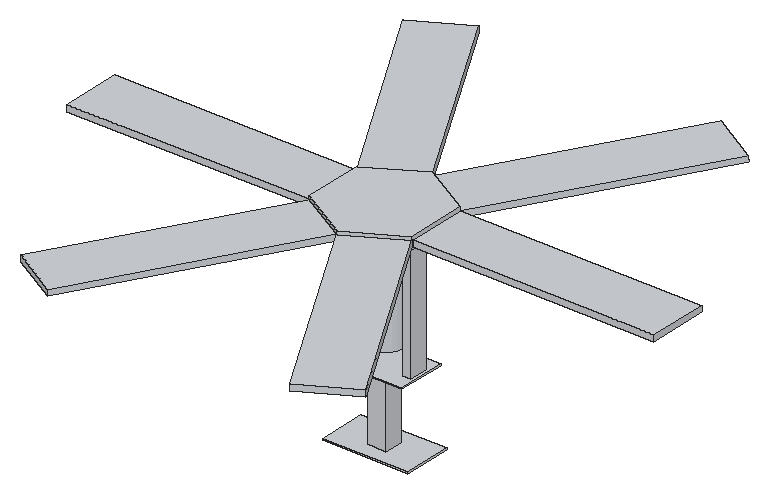
Revit family "hvls_revit", category Mechanical Equipment, host Face, Revit 2016
Family settings
  Host = Face
  Part Type = Normal
  Round Connector Dimension = Use Diameter
  Cut with Voids When Loaded = No
  Shared = No
  Room Calculation Point = No
Parameters (values of type "HVLS-08")
  calcExtensionHeight [instance] = if(Extension, ExtensionHeight, 0")  # 0"
  Weight [instance] = 327 lbf
  Voltage [instance] = 230 V
  URL = ""
  StemLengthWidth = 3"
  PlateThk = 1/4"
  Phase [instance] = 3
  MountPlateWidth = 7 7/8"
  MountPlateLength = 13 7/8"
  MountHeight = 12"
  Model = "HVLS-24"
  Min Circuit Ampacity [instance] = 0 A
  Max Overload Protection [instance] = 0 A
  Manufacturer = ""
  HubRadius = 7"
  HubPlateWidth = 7 7/8"
  HubPlateLength = 12"
  HubHeight = 21 1/2"
  Full Load Current [instance] = 2.9 A
  Frequency [instance] = 60 Hz
  ExtensionHeight = 24"
  Extension [instance] = no
  ExtPlateWidth = 7 7/8"
  ExtPlateLength = 7 7/8"
  Exhaust Fan HP [instance] = 1 VA
  Default Elevation = 48"
  BladeRadius = BladeDiameter / 2  # 48"
  BladeDiameter = 96"
  Apparent Load [instance] = Voltage * Full Load Current  # 667 VA
Types (10): name | Weight | Full Load Current | Exhaust Fan HP | BladeRadius | BladeDiameter | Apparent Load
  (no name) | 327 lbf | 2.9 A | 1 VA | 48" | 96" | 667 VA
  HVLS-24 | 525 lbf | 5.6 A | 2 VA | 144" | 288" | 1288 VA
  HVLS-22 | 525 lbf | 5.6 A | 2 VA | 132" | 264" | 1288 VA
  HVLS-20 | 485 lbf | 5.6 A | 2 VA | 120" | 240" | 1288 VA
  HVLS-18 | 485 lbf | 5.6 A | 2 VA | 108" | 216" | 1288 VA
  HVLS-16 | 430 lbf | 4.1 A | 1.5 VA | 96" | 192" | 943 VA
  HVLS-14 | 430 lbf | 4.1 A | 1.5 VA | 84" | 168" | 943 VA
  HVLS-12 | 367 lbf | 2.9 A | 1 VA | 72" | 144" | 667 VA
  HVLS-10 | 367 lbf | 2.9 A | 1 VA | 60" | 120" | 667 VA
  HVLS-08 | 327 lbf | 2.9 A | 1 VA | 48" | 96" | 667 VA
Reference planes (in)
  plane 1 "Center (Front/Back)": y = 0
  plane 2: z = 0
  plane 3 "Center (Left/Right)": x = 0
  plane 4: z = 12
  plane 5: z = 12
  plane 6: z = 33.5
  plane 7: through (0, 0, 90) normal (-0.866, 0.5, 0)
  plane 8: through (0, 0, 90) normal (0.866, 0.5, 0)
  plane 9: through (-19.22187, -33.29326, 90) normal (-0.866, 0.5, 0)
  plane 10: through (-21.72187, 37.62339, 90) normal (0.866, 0.5, 0)
  plane 11: through (0, 0, 90) normal (0.5, 0.866, 0)
Forms (in)
  Extrusion 1, solid
    sketch origin (0, 0, 0) x (1, 0, 0) y (0, 1, 0)
      loop
        line (-6.9375, 3.9375) -> (-6.9375, -3.9375) -> (6.9375, -3.9375) -> (6.9375, 3.9375) -> (-6.9375, 3.9375)
    from 0 to 0.25 <- "PlateThk"
  Extrusion 2, solid, visible <- "Extension"
    sketch origin (-60, -180, 12) x (-1, 0, 0) y (0, -1, 0)
      loop
        line (-56.0625, -183.9375) -> (-56.0625, -176.0625) -> (-63.9375, -176.0625) -> (-63.9375, -183.9375) -> (-56.0625, -183.9375)
    from 0 to 0.25 <- "PlateThk"
  Extrusion 3, solid
    sketch origin (-60, -180, 12) x (-1, 0, 0) y (0, -1, 0)
      loop
        line (-54, -183.9375) -> (-54, -176.0625) -> (-66, -176.0625) -> (-66, -183.9375) -> (-54, -183.9375)
    from 0 to 0.25 <- "PlateThk"
  Extrusion 4, solid
    sketch origin (0, 0, 0) x (1, 0, 0) y (0, 1, 0)
      loop
        line (-1.5, 1.5) -> (-1.5, -1.5) -> (1.5, -1.5) -> (1.5, 1.5) -> (-1.5, 1.5)
    from 0.25 <- "PlateThk" to 12
  Extrusion 5, solid, visible <- "Extension"
    sketch origin (-60, -180, 12) x (-1, 0, 0) y (0, -1, 0)
      loop
        line (-58.5, -181.5) -> (-58.5, -178.5) -> (-61.5, -178.5) -> (-61.5, -181.5) -> (-58.5, -181.5)
    from 0.25 <- "PlateThk" to 0
  Extrusion 6, solid
    sketch origin (-60, -180, 33.5) x (-1, 0, 0) y (0, -1, 0)
      loop
        circle (-60, -180) r 7
    from 0 to -0.25
  Extrusion 7, solid
    sketch origin (-60, -180, 12) x (-1, 0, 0) y (0, -1, 0)
      loop
        line (-54.5, -181.5) -> (-54.5, -178.5) -> (-55.75, -178.5) -> (-55.75, -181.5) -> (-54.5, -181.5)
      loop
        line (-64.25, -181.5) -> (-64.25, -178.5) -> (-65.5, -178.5) -> (-65.5, -181.5) -> (-64.25, -181.5)
    from 0 to 21.5
  Extrusion 8, solid
    sketch origin (-60, -180, 33.5) x (-1, 0, 0) y (0, -1, 0)
      loop
        line (-60, -189.75) -> (-51.55625, -184.875) -> (-51.55625, -175.125) -> (-60, -170.25) -> (-68.44375, -175.125) -> (-68.44375, -184.875) -> (-60, -189.75)
    from 0 to 2
  Extrusion 9, solid
    sketch origin (-60, -180, 33.5) x (-1, 0, 0) y (0, -1, 0)
      loop
        circle (-60, -180) r 3.5
    from -0.25 to -18
  Extrusion 10, solid
    sketch origin (-60, -180, 33.5) x (-1, 0, 0) y (0, -1, 0)
      loop
        line (-60.01395, -189.74195) -> (-68.42712, -184.8846) -> (-88.08212, -218.92807)
        arc (-88.08212, -218.92807) -> (-83.99865, -221.57) -> (-79.66879, -223.78514) r 48
        line (-79.66879, -223.78514) -> (-60.01395, -189.74195)
      loop
        line (-60.01395, -170.25805) -> (-79.66879, -136.21486)
        arc (-79.66879, -136.21486) -> (-83.99865, -138.43) -> (-88.08212, -141.07193) r 48
        line (-88.08212, -141.07193) -> (-68.42712, -175.1154) -> (-60.01395, -170.25805)
      loop
        line (-51.5702, -175.11695) -> (-31.91535, -141.07376)
        arc (-31.91535, -141.07376) -> (-35.99865, -138.43156) -> (-40.32836, -136.21614) r 48
        line (-40.32836, -136.21614) -> (-59.98337, -170.2596) -> (-51.5702, -175.11695)
      loop
        line (-68.44375, -184.8589) -> (-68.44375, -175.1442) -> (-107.75376, -175.1442)
        arc (-107.75376, -175.1442) -> (-108, -180.00156) -> (-107.75344, -184.8589) r 48
        line (-107.75344, -184.8589) -> (-68.44375, -184.8589)
      loop
        line (-51.55625, -175.1411) -> (-51.55625, -184.8558) -> (-12.24624, -184.8558)
        arc (-12.24624, -184.8558) -> (-12, -179.99844) -> (-12.24656, -175.1411) r 48
        line (-12.24656, -175.1411) -> (-51.55625, -175.1411)
      loop
        line (-51.5702, -184.88305) -> (-59.98337, -189.7404) -> (-40.32836, -223.78386)
        arc (-40.32836, -223.78386) -> (-35.99865, -221.56844) -> (-31.91535, -218.92624) r 48
        line (-31.91535, -218.92624) -> (-51.5702, -184.88305)
    from 0.5 to 1.5
Cuts and joins
  joined: Extrusion 1, Extrusion 4
  joined: Extrusion 3, Extrusion 6, Extrusion 7
Lines and regions (in)
  reference lines
    curve 1: circle (0, 0, 33.5) r 48 normal (0, 0, 1)
Dimensions and locks (in)
  "MountHeight": plane 4 to plane 2
  equal spacing: Extrusion 1 sketch curve, plane 3 "Center (Left/Right)", Extrusion 1 sketch curve
  equal spacing: Extrusion 1 sketch curve, plane 1 "Center (Front/Back)", Extrusion 1 sketch curve
  "MountPlateLength": Extrusion 1 sketch curve to Extrusion 1 sketch curve
  "MountPlateWidth": Extrusion 1 sketch curve to Extrusion 1 sketch curve
  "calcExtensionHeight": plane 5 to plane 4
  "HubHeight": plane 6 to plane 5
  equal spacing: Extrusion 2 sketch curve, plane 3 "Center (Left/Right)", Extrusion 2 sketch curve
  equal spacing: Extrusion 2 sketch curve, plane 1 "Center (Front/Back)", Extrusion 2 sketch curve
  "ExtPlateLength": Extrusion 2 sketch curve to Extrusion 2 sketch curve
  "ExtPlateWidth": Extrusion 2 sketch curve to Extrusion 2 sketch curve
  equal spacing: Extrusion 3 sketch curve, plane 3 "Center (Left/Right)", Extrusion 3 sketch curve
  equal spacing: Extrusion 3 sketch curve, plane 1 "Center (Front/Back)", Extrusion 3 sketch curve
  "HubPlateLength": Extrusion 3 sketch curve to Extrusion 3 sketch curve
  "HubPlateWidth": Extrusion 3 sketch curve to Extrusion 3 sketch curve
  equal spacing: Extrusion 4 sketch curve, plane 3 "Center (Left/Right)", Extrusion 4 sketch curve
  equal spacing: Extrusion 4 sketch curve, plane 1 "Center (Front/Back)", Extrusion 4 sketch curve
  "StemLengthWidth": Extrusion 4 sketch curve to Extrusion 4 sketch curve  (x2)
  equal spacing: Extrusion 5 sketch curve, plane 3 "Center (Left/Right)", Extrusion 5 sketch curve
  equal spacing: Extrusion 5 sketch curve, plane 1 "Center (Front/Back)", Extrusion 5 sketch curve
  "StemLengthWidth": Extrusion 5 sketch curve to Extrusion 5 sketch curve  (x2)
  equal spacing: Extrusion 7 sketch curve, plane 3 "Center (Left/Right)", Extrusion 7 sketch curve
  locked: Extrusion 7 sketch curve to Extrusion 7 sketch curve at 11
  equal spacing: Extrusion 7 sketch curve, plane 1 "Center (Front/Back)", Extrusion 7 sketch curve  (x2)
  locked: Extrusion 7 sketch curve to Extrusion 7 sketch curve at 3  (x2)
  locked: Extrusion 7 sketch curve to Extrusion 7 sketch curve at 1.25  (x2)
  Extrusion 8 to host face = 35 1/2"
  Extrusion 10 sketch curve to Extrusion 10 sketch curve = 9.71469"
  "HubRadius": radius of Extrusion 6 sketch curve
  "BladeRadius": radius of curve 1
  aligned and locked: plane 2 to host face
  aligned and locked: level to host face
  aligned and locked: plane 4 to Extrusion 4
  aligned and locked: plane 5 to Extrusion 5
  aligned and locked: plane 6 to Extrusion 7
  aligned and locked: Extrusion 10 sketch curve to curve 1  (x6)
  aligned and locked: Extrusion 8 to Extrusion 10 sketch curve  (x4)
  aligned and locked: Extrusion 10 sketch curve to Extrusion 8  (x2)
Automatic sketch dimensions
  host sketch curve to host sketch curve = 96"  (x2)
  plane 1 "Center (Front/Back)" to Extrusion 9 sketch curve = 0"
  Extrusion 9 sketch curve to plane 3 "Center (Left/Right)" = 0"
  plane 3 "Center (Left/Right)" to Extrusion 10 sketch curve = 0.01395"  (x2)
  Extrusion 10 sketch curve to plane 1 "Center (Front/Back)" = 4.8589"
  plane 1 "Center (Front/Back)" to Extrusion 10 sketch curve = 4.8558"
  Extrusion 10 sketch curve to plane 3 "Center (Left/Right)" = 0.01663"  (x2)
  Extrusion 10 sketch curve to Extrusion 10 sketch curve = 0.01395"
  plane 1 "Center (Front/Back)" to Extrusion 10 sketch curve = 4.8589"
  Extrusion 10 sketch curve to plane 1 "Center (Front/Back)" = 4.8558"
  Extrusion 10 sketch curve to Extrusion 10 sketch curve = 0.02415"
  Extrusion 10 sketch curve to Extrusion 10 sketch curve = 0.02881"
  Extrusion 8 sketch curve to plane 3 "Center (Left/Right)" = 0"  (x2)
  Extrusion 8 sketch curve to plane 1 "Center (Front/Back)" = 4 7/8"  (x2)
  plane 1 "Center (Front/Back)" to Extrusion 8 sketch curve = 4 7/8"  (x2)
  Extrusion 8 sketch curve to plane 3 "Center (Left/Right)" = 8.44375"
  plane 3 "Center (Left/Right)" to Extrusion 8 sketch curve = 8.44375"
  Extrusion 8 sketch curve to plane 1 "Center (Front/Back)" = 9 3/4"
  Extrusion 8 sketch curve to Extrusion 8 sketch curve = 4 7/8"
  plane 1 "Center (Front/Back)" to Extrusion 6 sketch curve = 0"
  Extrusion 6 sketch curve to plane 3 "Center (Left/Right)" = 0"
  plane 1 "Center (Front/Back)" to curve 1 = 0"
  curve 1 to plane 3 "Center (Left/Right)" = 0"
  radius of Extrusion 9 sketch curve = 3 1/2"
Connectors (in)
  electrical at (0, 0, 15.5), driven by "Phase", driven by "Voltage", driven by "Apparent Load"
    settings: on Extrusion 9, index 1, voltage 230 V, apparent load 667 VA, apparent load phase1 0 VA, apparent load phase2 0 VA, apparent load phase3 0 VA, power factor 1, load classification "Motor", number of poles 3, system type 30, power factor state 1, is connector primary yes, connector utility no, sub classification motor no, connector description "Power"
